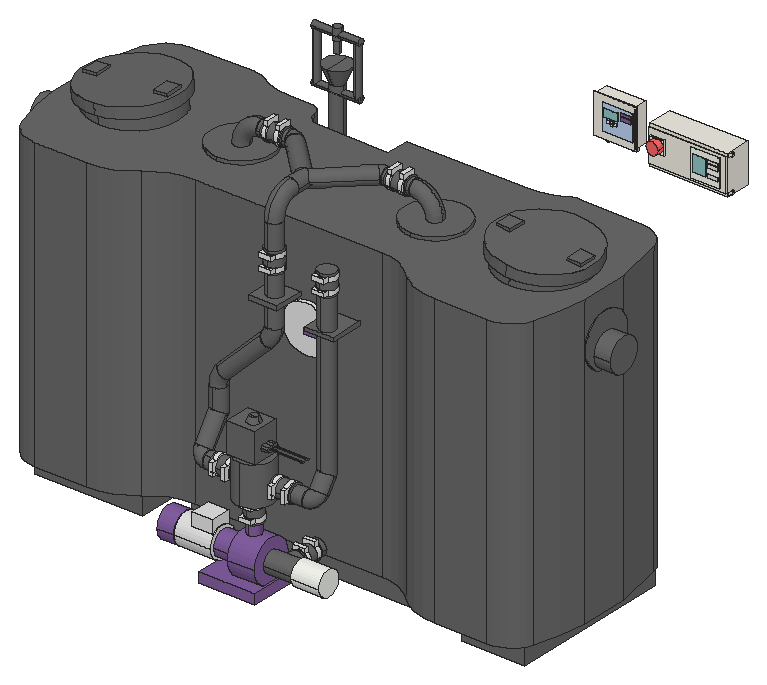
Revit family "93010.02_pvs 0", category Generic Models, Revit 2021
Family settings
  Can host rebar = No
  Round Connector Dimension = Use Diameter
  Part Type = Normal
  Work Plane-Based = No
  Always vertical = Yes
  Cut with Voids When Loaded = No
  Shared = Yes
  Room Calculation Point = No
Parameters (values of type "93010.02_PVS")
  SUPPLIER = "KESSEL"
  SA810ID06 = "4026092065105"
  SA810ID03 = "93010.02/PVS"
  SA71009ID06 = 3000 W
  SA71009ID05 = 3600 W
  SA71009ID04 = 1
  SA700ID17 = 1255 mm
  SA700ID14 = "ohne Angabe"
  SA700ID13 = 70 mm
  SA700ID09 = 1678 mm
  SA700ID08 = 940 mm
  SA700ID07 = 2590 mm
  SA700ID06 = 1000
  SA700ID05 = 10
  SA700ID04 = "Grease separator EasyClean free NS 10, Auto Mix & Pump, SonicControl"
  SA500ID03 = "Sludge trap, integrated"
  SA400ID03 = "PE (Polyethylen)"
  SA250ID03 = "temperierte Umhausung"
  SA200ID03 = "free-standing set-up"
  SA100ID04 = "Abscheideranlage für Fette (Schlammfang und Fettabscheider)"
  PROCUREWEBLINK = "https://p.caden.as/kessel/93010.02%2FPVS"
  PROCURELINK = "p.caden.as/kessel/93010.02%2FPVS"
  PROCUREDATALASTUPDATE = "2024-05-22T12:18:19.111183733+01:00"
  PRC_SPECIFICATIONLINK = "https://ausschreiben.de/catalog/kessel/catalogItem/6c2bda8d-30a5-4477-9d81-c278bfe74b06"
  NN = "EasyClean, Auto Mix & Pump grease separator"
  NBSYN = "$SA810ID03. $LODLEVEL."
  NB = "93010.02/PVS 0"
  Model = "93010.02/PVS"
  Manufacturer = "KESSEL"
  MIdent = "{$CADENAS_DATA/23d-libs/kessel/kessel_vdi_import/40/abscheideranlage20fuer20fette/easyclean_free_auto_mix_pump.prj},231 {STYP=ASS},{VTYP=3D},{NB=93010.02/PVS 0},{LINA=93010.02/PVS},{NN=EasyClean, Auto Mix & Pump grease separator},{DATE=20.12.2022 10:10:54},{GEOMDATE=17.11.2022 09:57:06},{VERSION=},{LINEID=100},{WBVAR=LODLEVEL},{WBNUMERIC=LODLEVEL}  {NB=93010.02/PVS 0},{LINA=93010.02/PVS},{KT=DUMMY},{PREVIEW=../../bilder/ksb_w_9301002pvs.png},{SA700ID04=Fettabscheider EasyClean free NS 10, Auto Mix & Pump, SonicControl},{SA810ID06=4026092065105},{SA010ID04=KESSEL AG},{SA810ID03=93010.02/PVS},{SA100ID04=Abscheideranlage für Fette (Schlammfang und Fettabscheider)},{SA200ID03=Freiaufstellung},{SA400ID03=PE (Polyethylen)},{SA500ID03=Schlammfang integriert},{SA700ID05=10.00},{SA700ID06=1000},{SA71009ID04=1},{SA71009ID05=3.60},{SA71009ID06=3.00},{SA250ID03=temperierte Umhausung},{SA700ID07=2590},{SA700ID09=1678},{SA700ID13=70},{SA700ID17=1255},{SA700ID08=940},{SA810ID10=\\\"Der Abscheider für fetthaltiges Abwasser ist für die freie Aufstellung in frostgeschützten Räumen geeignet und verzichtet auf metallische Bauteile im Behälter. Der Sammelbehälter aus dauerhaft beständigem Kunststoff (PE) ist mit einem integrierten Schlammfang ausgestattet und besitzt ein konisch zulaufendes Bodenteil für eine schnelle und saubere Entsorgung. Zwei geruchsdichte Deckel mit Schnellspannverschlüssen ermöglichen einen einfachen Zugang für Reinigungs- und Wartungsarbeiten.Das innovative Schredder-Mix-System mit integriertem Zerhacker übernimmt die Homogenisierung und Umwälzung des Behälterinhaltes. Die Reinigung und geruchsneutrale Entsorgung erfolgt dabei über eine außenliegende Pumpe mit 2-Wege-Ventil und Stellmotor, die mit einem Absperrschieber vom Behälter getrennt werden kann.Der vollautomatische Programmablauf wird durch ein anwenderfreundliches Schaltgerät mit mehrzeiliger Displayanzeige gesteuert, das über einen potentialfreien Kontakt in die Gebäudeleittechnik eingebunden werden kann. Über eine optional erhältliche Fernbedienung kann die Reinigung und Entsorgung von einer entfernten Stelle aus gestartet werden.Durch das individualisierbare Reinigungsprogramm mit Schnellwahlfunktion kann die Reinigung bedarfsgerecht an die örtlichen Gegebenheiten angepasst werden. Nach der Entsorgung sind nur noch max. 3 Liter Schlammrestvolumen im Behälter vorhanden. Mithilfe einer vollautomatisierten Spülung der Trinkwasserleitungen kann die Einhaltung der Trinkwasser-Hygiene-Verordnung gewährleistet werden.Gewährleistung auf den Werkstoff PE 20 Jahre.Ausführung:Absperreinrichtung: jaEntsorgungsart: automatisches Entsorgungs- und ReinigungssystemEntsorgungseinrichtung: EntsorgungspumpeEntsorgungsvariante: Auto Mix & PumpFülleinrichtung nach DIN 1988: jaNenngröße (NS): 10Schauglas: jaSchredder-Mix-System: jaSonicControl: jaWasserversorgung: 2 Magnetventile 1\\\"\\\"Tragfähigkeit (DIN 19901): F3Lieferumfang: Storz-B-Kupplung R 2 1/2 \\\"\\\" für SaugwagenanschlussEinbausituation: freie AufstellungAllgemeine Merkmale:Material: PENorm: EN 1825: 2004, DIN 4040-100Abmessungen:Aufstellfläche Länge: 2.822 mmAufstellfläche Breite: 1.108 mmAufstellfläche Höhe: 1.932 mmEinbringmaß Länge: 2.590 mmEinbringmaß Breite: 940 mmEinbringmaß Höhe: 1.678 mmBehälter/Grundkörper:Zulauf Nennweite (DN): 150 mmZulauf Nennweite (DA): 160 mmAuslauf Nennweite (DN): 150Auslauf Nennweite (DA): 160Abstand Rohrsohle Zulauf zu Behälterboden: 1.255 mmAbstand Rohrsohle Auslauf zu Behälterboden: 1.185 mmAnschluss Zu-/Auslaufstutzen: PE-HD-Rohre nach DIN 19537, HT-Rohre nach DIN 19560, PP oder ASDruckabgang (DA): 75 mmDruckabgang (DN): 65 mmNenndruck (PN): 10Abdeckungsmerkmale:Abdeckungsart: DeckelAbdeckung Material: KunststoffAbdeckung Farbe: violettDichtheit: geruchsdichtVerriegelung: SchnellspannverschlussAbwasserinhalt:Abscheiderinhalt: 900 lGesamtvolumen: 1.900 lSchlammfanginhalt: 1.000 lSpeichermenge an Fett: 400 lFördereinrichtung:Pumpe: SPF 300 KE 2.0Anzahl Pumpen: 1Förderhöhe max.: 17 mFörderleistung max.: 60 m3/hBetriebsspannung: 400 VNetzfrequenz: 50 HzBetriebsart: S2 - 30 Min.Leistung P1: 3,6 kWLeistung P2: 3 kWDrehzahl: 2.850 U/minErforderliche Absicherung (Leitungsschutz): Absicherung über Schaltgerät 400 VFörderguttemperatur (dauerhaft) max.: 40 °CAnschlusstyp: DirektanschlussGewicht: 44 kgLaufrad Typ: Radiallaufrad mit ZerhackerLänge Netzanschlussleitung Pumpe: 5 mNennstrom: 6,2 ASchutzart Pumpe: IP 55Schutzklasse: ITyp Anschlussleitung Pumpe: H07RN-F 7G 1,5 mm2Temperaturüberwachung: integriertSteuerung:Schaltgerät: jaBetriebsspannung: 400 VNetzfrequenz: 50 HzSelbstdiagnosesystem (SDS): jaBatteriepufferung: neinMehrzeilige Displayanzeige: jaLogbuchfunktion: jaUSB-Schnittstelle: jaGSM-Schnittstelle: neinPotentialfreier Kontakt: jaErforderliche Absicherung (Leitungsschutz): C 16 AErforderliche Absicherung (RCD): 30 mAMotorschutz Schalter: jaSchutzart Schaltgerät: IP 54\\\"},{SA700ID14=ohne Angabe},{LODLEVEL=0},{CATEGORY3AA=EasyClean free Auto Mix & Pump},{CATEGORY3AB=},{CATEGORY3AC=},{CATEGORY3AD=},{CATEGORY3AE=},{CATEGORY3AF=},{BEZEICHNUNG=},{BREITE=0.0},{TIEFE=MIN},{HOEHE=MIN},{MASSE=MIN},{LOD_=0,'Low'},{LOD_DEU=0,'Low'},{LOD_3DB=93010.02/PVS_0},{DNIN1=150},{DNIN2=10},{DNIN3=10},{DNIN4=10},{DNIN5=10},{DNIN6=10},{DNIN7=MIN},{DNOUT1=150},{DNOUT2=50},{ISD=80},{ISD2=10},{SA960ID03=89},{SA960ID04=3L},{SA960ID08=http://www.kessel.de/info?han=93010.02/PVS},{SA010ID01=010},{SA010ID02=40},{SA010ID06=www.kessel.de},{SA010ID08=4026092000007},{SA100ID01=100},{SA100ID02=1},{SA740ID01=740},{SA200ID01=200},{SA200ID02=1},{SA250ID01=250},{SA250ID02=1},{SA400ID01=400},{SA400ID02=1},{SA500ID01=500},{SA500ID02=1},{SA700ID01=700},{SA700ID02=89},{SA700ID14_=0},{SA71009ID01=710.09},{SA71009ID02=1},{SA71009ID03=SPF 300 KE 2.0},{SA71009ID07=IP55},{SA71009ID08=1},{SA71009ID09=1},{SA71009ID10=60},{SA71009ID11=17},{SA810ID01=810},{SA810ID02=89},{SA810ID04=93010.02/PVS},{SA810ID07=89},{SA810ID14=PCE},{LINK=http://www.kessel.de/info?han=93010.02/PVS},{LINK_=http://www.kessel.de/info?han=93010.02/PVS},{LINK_DEU=http://www.kessel.de/info?han=93010.02/PVS}"
  LINK = "http://www.kessel.de/info?han=93010.02/PVS"
  LINA = "93010.02/PVS"
  Default Elevation = 0 mm
  CREATOR = "CADENAS GmbH"
  CATALOG = "KESSEL"
  BOMINFO = "LINA"
  ARTICLENO = "NB"
Reference planes
  plane 1 "Center (Front/Back)": y = 0
  plane 2: z = 0
  plane 3 "Center (Left/Right)": x = 0
Dimensions and locks
  aligned and locked: level to plane 2
Nested families
  nested 1: "93010.02_pvs 0_content" at (0, 0, 0), type "93010.02_PVS 0_Content"
  nested 2: "93010.02_pvs 0_part1_X0Y0" at (1000, 1000, 1500), type "93010.02_PVS_PART1_X0Y0"
  nested 3: "93010.02_pvs 0_part2_X0Y0" at (600, 1000, 1500), type "93010.02_PVS_PART2_X0Y0"
  nested 4: "93010.02_pvs 0_part3_X0Y0" at (0, 0, 0), type "93010.02_PVS_PART3_X0Y0"
Connectors
  electrical at (859.25, 933.5, 1478)
    settings: on nested 2, index 1, voltage 230 V, apparent load 0 VA, apparent load phase1 0 VA, apparent load phase2 0 VA, apparent load phase3 0 VA, power factor 1, load classification "Other", number of poles 3, system type 31, power factor state 1, is connector primary yes, connector utility no, sub classification motor no, connector description ""
  electrical at (536, 972.5, 1469)
    settings: on nested 3, index 2, voltage 0 V, apparent load 0 VA, apparent load phase1 0 VA, apparent load phase2 0 VA, apparent load phase3 0 VA, power factor 1, load classification "Other", number of poles 1, system type 31, power factor state 1, is connector primary no, connector utility no, sub classification motor no, connector description ""
  piping at (-1440.29, 0, 1336), diameter 150
    settings: on nested 4, index 3, connector inside diameter 609.6 mm, connector length 0 mm, flow factor 0, pipe flow 0.0 L/s, pressure drop 0.0 Pa, fitting loss kfactor 0, connector angle 0.00°, fixture units 0, engagement length 0 mm, angle of deflection 0.00°, flow configuration 0, flow direction 1, fitting loss method 2, system type 8, joint type 0, gender type 0, connector reference index -1, connector utility 0, adjustable connector no, is connector primary yes, connector description ""
  piping at (1387.19, 0, 1265), diameter 150
    settings: on nested 4, index 4, connector inside diameter 609.6 mm, connector length 0 mm, flow factor 0, pipe flow 0.0 L/s, pressure drop 0.0 Pa, fitting loss kfactor 0, connector angle 0.00°, fixture units 0, engagement length 0 mm, angle of deflection 0.00°, flow configuration 0, flow direction 2, fitting loss method 2, system type 7, joint type 0, gender type 0, connector reference index -1, connector utility 0, adjustable connector no, is connector primary no, connector description ""
  piping at (-305, 374, 1937.9), diameter 50
    settings: on nested 4, index 5, connector inside diameter 609.6 mm, connector length 0 mm, flow factor 0, pipe flow 0.0 L/s, pressure drop 0.0 Pa, fitting loss kfactor 0, connector angle 0.00°, fixture units 0, engagement length 0 mm, angle of deflection 0.00°, flow configuration 0, flow direction 2, fitting loss method 2, system type 7, joint type 0, gender type 0, connector reference index -1, connector utility 0, adjustable connector no, is connector primary no, connector description ""
  piping at (290, -432.5, 1442), diameter 50
    settings: on nested 4, index 6, connector inside diameter 609.6 mm, connector length 0 mm, flow factor 0, pipe flow 0.0 L/s, pressure drop 0.0 Pa, fitting loss kfactor 0, connector angle 0.00°, fixture units 0, engagement length 0 mm, angle of deflection 0.00°, flow configuration 0, flow direction 2, fitting loss method 2, system type 7, joint type 0, gender type 0, connector reference index -1, connector utility 0, adjustable connector no, is connector primary no, connector description ""
  electrical at (-212, -514.5, 248.5)
    settings: on nested 4, index 7, voltage 0 V, apparent load 0 VA, apparent load phase1 0 VA, apparent load phase2 0 VA, apparent load phase3 0 VA, power factor 1, load classification "Other", number of poles 1, system type 31, power factor state 1, is connector primary no, connector utility no, sub classification motor no, connector description ""
Definition of nested family "93010.02_pvs 0_part1_X0Y0"
  Parameters (values of type "93010.02_PVS_PART1_X0Y0")
    SUPPLIER = "KESSEL"
    SA810ID06 = "4026092065105"
    SA810ID03 = "93010.02/PVS"
    SA71009ID06 = 3000 W
    SA71009ID05 = 3600 W
    SA71009ID04 = 1
    SA700ID17 = 1255 mm
    SA700ID14 = "ohne Angabe"
    SA700ID13 = 70 mm
    SA700ID09 = 1678 mm
    SA700ID08 = 940 mm
    SA700ID07 = 2590 mm
    SA700ID06 = 1000
    SA700ID05 = 10
    SA700ID04 = "Grease separator EasyClean free NS 10, Auto Mix & Pump, SonicControl"
    SA500ID03 = "Sludge trap, integrated"
    SA400ID03 = "PE (Polyethylen)"
    SA250ID03 = "temperierte Umhausung"
    SA200ID03 = "free-standing set-up"
    SA100ID04 = "Abscheideranlage für Fette (Schlammfang und Fettabscheider)"
    NBSYN = "$SA810ID03. $LODLEVEL._PART1"
    NB = "93010.02/PVS 0_PART1"
    Model = "93010.02/PVS_PART1"
    Manufacturer = "KESSEL"
    MIdent = "{$CADENAS_DATA/23d-libs/kessel/kessel_vdi_import/40/abscheideranlage20fuer20fette/easyclean_free_auto_mix_pump.prj},251 {VTYP=3D},{NB=93010.02/PVS 0_PART1},{LINA=93010.02/PVS_PART1},{NN=EasyClean, Auto Mix & Pump grease separator_PART1},{NOPRJ=TRUE},{DATE=20.12.2022 10:10:54},{GEOMDATE=17.11.2022 09:57:06},{VERSION=},{LINEID=100},{WBVAR=LODLEVEL},{WBNUMERIC=LODLEVEL}  {NB=93010.02/PVS 0_PART1},{LINA=93010.02/PVS_PART1},{KT=DUMMY},{PREVIEW=../../bilder/ksb_w_9301002pvs.png},{SA700ID04=Fettabscheider EasyClean free NS 10, Auto Mix & Pump, SonicControl},{SA810ID06=4026092065105},{SA010ID04=KESSEL AG},{SA810ID03=93010.02/PVS},{SA100ID04=Abscheideranlage für Fette (Schlammfang und Fettabscheider)},{SA200ID03=Freiaufstellung},{SA400ID03=PE (Polyethylen)},{SA500ID03=Schlammfang integriert},{SA700ID05=10.00},{SA700ID06=1000},{SA71009ID04=1},{SA71009ID05=3.60},{SA71009ID06=3.00},{SA250ID03=temperierte Umhausung},{SA700ID07=2590},{SA700ID09=1678},{SA700ID13=70},{SA700ID17=1255},{SA700ID08=940},{SA810ID10=\\\"Der Abscheider für fetthaltiges Abwasser ist für die freie Aufstellung in frostgeschützten Räumen geeignet und verzichtet auf metallische Bauteile im Behälter. Der Sammelbehälter aus dauerhaft beständigem Kunststoff (PE) ist mit einem integrierten Schlammfang ausgestattet und besitzt ein konisch zulaufendes Bodenteil für eine schnelle und saubere Entsorgung. Zwei geruchsdichte Deckel mit Schnellspannverschlüssen ermöglichen einen einfachen Zugang für Reinigungs- und Wartungsarbeiten.Das innovative Schredder-Mix-System mit integriertem Zerhacker übernimmt die Homogenisierung und Umwälzung des Behälterinhaltes. Die Reinigung und geruchsneutrale Entsorgung erfolgt dabei über eine außenliegende Pumpe mit 2-Wege-Ventil und Stellmotor, die mit einem Absperrschieber vom Behälter getrennt werden kann.Der vollautomatische Programmablauf wird durch ein anwenderfreundliches Schaltgerät mit mehrzeiliger Displayanzeige gesteuert, das über einen potentialfreien Kontakt in die Gebäudeleittechnik eingebunden werden kann. Über eine optional erhältliche Fernbedienung kann die Reinigung und Entsorgung von einer entfernten Stelle aus gestartet werden.Durch das individualisierbare Reinigungsprogramm mit Schnellwahlfunktion kann die Reinigung bedarfsgerecht an die örtlichen Gegebenheiten angepasst werden. Nach der Entsorgung sind nur noch max. 3 Liter Schlammrestvolumen im Behälter vorhanden. Mithilfe einer vollautomatisierten Spülung der Trinkwasserleitungen kann die Einhaltung der Trinkwasser-Hygiene-Verordnung gewährleistet werden.Gewährleistung auf den Werkstoff PE 20 Jahre.Ausführung:Absperreinrichtung: jaEntsorgungsart: automatisches Entsorgungs- und ReinigungssystemEntsorgungseinrichtung: EntsorgungspumpeEntsorgungsvariante: Auto Mix & PumpFülleinrichtung nach DIN 1988: jaNenngröße (NS): 10Schauglas: jaSchredder-Mix-System: jaSonicControl: jaWasserversorgung: 2 Magnetventile 1\\\"\\\"Tragfähigkeit (DIN 19901): F3Lieferumfang: Storz-B-Kupplung R 2 1/2 \\\"\\\" für SaugwagenanschlussEinbausituation: freie AufstellungAllgemeine Merkmale:Material: PENorm: EN 1825: 2004, DIN 4040-100Abmessungen:Aufstellfläche Länge: 2.822 mmAufstellfläche Breite: 1.108 mmAufstellfläche Höhe: 1.932 mmEinbringmaß Länge: 2.590 mmEinbringmaß Breite: 940 mmEinbringmaß Höhe: 1.678 mmBehälter/Grundkörper:Zulauf Nennweite (DN): 150 mmZulauf Nennweite (DA): 160 mmAuslauf Nennweite (DN): 150Auslauf Nennweite (DA): 160Abstand Rohrsohle Zulauf zu Behälterboden: 1.255 mmAbstand Rohrsohle Auslauf zu Behälterboden: 1.185 mmAnschluss Zu-/Auslaufstutzen: PE-HD-Rohre nach DIN 19537, HT-Rohre nach DIN 19560, PP oder ASDruckabgang (DA): 75 mmDruckabgang (DN): 65 mmNenndruck (PN): 10Abdeckungsmerkmale:Abdeckungsart: DeckelAbdeckung Material: KunststoffAbdeckung Farbe: violettDichtheit: geruchsdichtVerriegelung: SchnellspannverschlussAbwasserinhalt:Abscheiderinhalt: 900 lGesamtvolumen: 1.900 lSchlammfanginhalt: 1.000 lSpeichermenge an Fett: 400 lFördereinrichtung:Pumpe: SPF 300 KE 2.0Anzahl Pumpen: 1Förderhöhe max.: 17 mFörderleistung max.: 60 m3/hBetriebsspannung: 400 VNetzfrequenz: 50 HzBetriebsart: S2 - 30 Min.Leistung P1: 3,6 kWLeistung P2: 3 kWDrehzahl: 2.850 U/minErforderliche Absicherung (Leitungsschutz): Absicherung über Schaltgerät 400 VFörderguttemperatur (dauerhaft) max.: 40 °CAnschlusstyp: DirektanschlussGewicht: 44 kgLaufrad Typ: Radiallaufrad mit ZerhackerLänge Netzanschlussleitung Pumpe: 5 mNennstrom: 6,2 ASchutzart Pumpe: IP 55Schutzklasse: ITyp Anschlussleitung Pumpe: H07RN-F 7G 1,5 mm2Temperaturüberwachung: integriertSteuerung:Schaltgerät: jaBetriebsspannung: 400 VNetzfrequenz: 50 HzSelbstdiagnosesystem (SDS): jaBatteriepufferung: neinMehrzeilige Displayanzeige: jaLogbuchfunktion: jaUSB-Schnittstelle: jaGSM-Schnittstelle: neinPotentialfreier Kontakt: jaErforderliche Absicherung (Leitungsschutz): C 16 AErforderliche Absicherung (RCD): 30 mAMotorschutz Schalter: jaSchutzart Schaltgerät: IP 54\\\"},{SA700ID14=ohne Angabe},{LODLEVEL=0},{CATEGORY3AA=EasyClean free Auto Mix & Pump},{CATEGORY3AB=},{CATEGORY3AC=},{CATEGORY3AD=},{CATEGORY3AE=},{CATEGORY3AF=},{BEZEICHNUNG=},{BREITE=0.0},{TIEFE=MIN},{HOEHE=MIN},{MASSE=MIN},{LOD_=0,'Low'},{LOD_DEU=0,'Low'},{LOD_3DB=93010.02/PVS_0},{DNIN1=150},{DNIN2=10},{DNIN3=10},{DNIN4=10},{DNIN5=10},{DNIN6=10},{DNIN7=MIN},{DNOUT1=150},{DNOUT2=50},{ISD=80},{ISD2=10},{SA960ID03=89},{SA960ID04=3L},{SA960ID08=http://www.kessel.de/info?han=93010.02/PVS},{SA010ID01=010},{SA010ID02=40},{SA010ID06=www.kessel.de},{SA010ID08=4026092000007},{SA100ID01=100},{SA100ID02=1},{SA740ID01=740},{SA200ID01=200},{SA200ID02=1},{SA250ID01=250},{SA250ID02=1},{SA400ID01=400},{SA400ID02=1},{SA500ID01=500},{SA500ID02=1},{SA700ID01=700},{SA700ID02=89},{SA700ID14_=0},{SA71009ID01=710.09},{SA71009ID02=1},{SA71009ID03=SPF 300 KE 2.0},{SA71009ID07=IP55},{SA71009ID08=1},{SA71009ID09=1},{SA71009ID10=60},{SA71009ID11=17},{SA810ID01=810},{SA810ID02=89},{SA810ID04=93010.02/PVS},{SA810ID07=89},{SA810ID14=PCE},{LINK=http://www.kessel.de/info?han=93010.02/PVS},{LINK_=http://www.kessel.de/info?han=93010.02/PVS},{LINK_DEU=http://www.kessel.de/info?han=93010.02/PVS}"
    LINK = "http://www.kessel.de/info?han=93010.02/PVS"
    LINA = "93010.02/PVS_PART1"
    Default Elevation = 1219.2 mm
    CREATOR = "CADENAS GmbH"
    CATALOG = "KESSEL"
    BOMINFO = "LINA"
    ARTICLENO = "NB"
  Reference planes
    plane 1 "Center (Front/Back)": y = 0
    plane 2: z = 0
    plane 3 "Center (Left/Right)": x = 0
  Dimensions and locks
    aligned and locked: level to plane 2
  Nested families
    nested 1: "93010.02_pvs 0_part1_content" at (0, 0, 0), type "93010.02_PVS 0_PART1_Content"
  Definition of nested family "93010.02_pvs 0_part1_content"
    Parameters (values of type "93010.02_PVS 0_PART1_Content")
      SUPPLIER = "KESSEL"
      SA810ID06 = "4026092065105"
      SA810ID03 = "93010.02/PVS"
      SA71009ID06 = 3000 W
      SA71009ID05 = 3600 W
      SA71009ID04 = 1
      SA700ID17 = 1255 mm
      SA700ID14 = "ohne Angabe"
      SA700ID13 = 70 mm
      SA700ID09 = 1678 mm
      SA700ID08 = 940 mm
      SA700ID07 = 2590 mm
      SA700ID06 = 1000
      SA700ID05 = 10
      SA700ID04 = "Grease separator EasyClean free NS 10, Auto Mix & Pump, SonicControl"
      SA500ID03 = "Sludge trap, integrated"
      SA400ID03 = "PE (Polyethylen)"
      SA250ID03 = "temperierte Umhausung"
      SA200ID03 = "free-standing set-up"
      SA100ID04 = "Abscheideranlage für Fette (Schlammfang und Fettabscheider)"
      NBSYN = "$SA810ID03. $LODLEVEL._PART1"
      NB = "93010.02/PVS 0_PART1"
      Model = "93010.02/PVS_PART1"
      Manufacturer = "KESSEL"
      LINK = "http://www.kessel.de/info?han=93010.02/PVS"
      LINA = "93010.02/PVS_PART1"
      Default Elevation = 1219.2 mm
      CREATOR = "CADENAS GmbH"
      CATALOG = "KESSEL"
      BOMINFO = "LINA"
      ARTICLENO = "NB"
    Reference planes
      plane 1 "Center (Front/Back)": y = 0
      plane 2: z = 0
      plane 3 "Center (Left/Right)": x = 0
    Forms (mm)
      Extrusion 1, solid, detail levels medium+fine
        sketch origin (190.25, 0, 0) x (0, -1, 0) y (0, 0, 1)
          loop
            line (0, 188) -> (0, 0) -> (122.5, 0) -> (122.5, 188) -> (0, 188)
        from 0 to 380.5
      Extrusion 2, solid, detail levels medium+fine
        sketch origin (186.25, -122.5, 14) x (0, -1, 0) y (0, 0, 1)
          loop
            line (0, 160) -> (0, 0) -> (5, 0) -> (5, 160) -> (0, 160)
        from 0 to 376.5
      Extrusion 3, solid, detail levels medium+fine
        sketch origin (156.25, -127.5, 24.5) x (0, -1, 0) y (0, 0, 1)
          loop
            line (-1.4, 0) -> (0.2, 0) -> (0.2, 135) -> (-1.4, 135) -> (-1.4, 0)
        from 0 to 140
      Extrusion 4, solid, detail levels medium+fine
        sketch origin (88.75, -127.7, 53.5) x (0, -1, 0) y (0, 0, 1)
          loop
            line (-1.5, 79) -> (-1.5, 0) -> (0.1, 0) -> (0.1, 79) -> (-1.5, 79)
        from 0 to 65
      Extrusion 5, solid, detail levels medium+fine
        sketch origin (148.75, -127.7, 95.5) x (0, -1, 0) y (0, 0, 1)
          loop
            line (-1.5, 16) -> (-1.5, 0) -> (0.1, 0) -> (0.1, 16) -> (-1.5, 16)
        from 0 to 51
      Extrusion 6, solid, detail levels medium+fine
        sketch origin (148.75, -127.7, 53.5) x (0, -1, 0) y (0, 0, 1)
          loop
            line (-1.5, 16) -> (-1.5, 0) -> (0.1, 0) -> (0.1, 16) -> (-1.5, 16)
        from 0 to 51
      Extrusion 7, solid, detail levels medium+fine
        sketch origin (148.75, -127.7, 116.5) x (0, -1, 0) y (0, 0, 1)
          loop
            line (-1.5, 16) -> (-1.5, 0) -> (0.1, 0) -> (0.1, 16) -> (-1.5, 16)
        from 0 to 51
      Extrusion 8, solid, detail levels medium+fine
        sketch origin (9.25, -66.5, 1.5) x (0.866025, 0.5, 0) y (0.5, -0.866025, 0)
          loop
            circle (0, 0) r 10
        from 0 to 2.5
      Extrusion 9, solid, detail levels medium+fine
        sketch origin (-20.75, -66.5, 1.5) x (0.866025, 0.5, 0) y (0.5, -0.866025, 0)
          loop
            circle (0, 0) r 10
        from 0 to 2.5
      Extrusion 10, solid, detail levels medium+fine
        sketch origin (39.25, -66.5, 1.5) x (0.866025, 0.5, 0) y (0.5, -0.866025, 0)
          loop
            circle (0, 0) r 10
        from 0 to 2.5
      Extrusion 11, solid, detail levels medium+fine
        sketch origin (-50.75, -66.5, 1.5) x (0.866025, 0.5, 0) y (0.5, -0.866025, 0)
          loop
            circle (0, 0) r 10
        from 0 to 2.5
      Extrusion 12, solid, detail levels medium+fine
        sketch origin (69.25, -66.5, 1.5) x (0.866025, 0.5, 0) y (0.5, -0.866025, 0)
          loop
            circle (0, 0) r 10
        from 0 to 2.5
      Extrusion 13, solid, detail levels medium+fine
        sketch origin (99.25, -66.5, 1.5) x (0.866025, 0.5, 0) y (0.5, -0.866025, 0)
          loop
            circle (0, 0) r 10
        from 0 to 2.5
      Extrusion 14, solid, detail levels medium+fine
        sketch origin (-95.75, -66.5, 0) x (0.866025, 0.5, 0) y (0.5, -0.866025, 0)
          loop
            line (0, 17.321) -> (-15, 8.66) -> (-15, -8.66) -> (0, -17.321) -> (15, -8.66) -> (15, 8.66) -> (0, 17.321)
        from 0 to 22
      Extrusion 15, solid, detail levels medium+fine
        sketch origin (-140.75, -66.5, 0) x (0.866025, 0.5, 0) y (0.5, -0.866025, 0)
          loop
            line (0, 17.321) -> (-15, 8.66) -> (-15, -8.66) -> (0, -17.321) -> (15, -8.66) -> (15, 8.66) -> (0, 17.321)
        from 0 to 22
      Extrusion 16, solid, detail levels medium+fine
        sketch origin (-110.25, -127.5, 76.5) x (0, -1, 0) y (0, 0, 1)
          loop
            line (0, 67) -> (0, 0) -> (7, 0) -> (7, 67) -> (0, 67)
        from 0 to 67
      Extrusion 17, solid, detail levels medium+fine
        sketch origin (-143.75, -134.5, 110) x (1, 0, 0) y (0, 0, 1)
          loop
            circle (0, 0) r 29.5
        from 0 to 29
      Extrusion 18, solid, detail levels medium+fine
        sketch origin (129.25, -66.5, 1.5) x (0.866025, 0.5, 0) y (0.5, -0.866025, 0)
          loop
            circle (0, 0) r 10
        from 0 to 2.5
      Extrusion 19, solid, detail levels medium+fine
        sketch origin (-179.25, 0, 177) x (-1, 0, 0) y (0, 0, 1)
          loop
            circle (0, 0) r 7.5
        from 0 to 2
      Extrusion 20, solid, detail levels medium+fine
        sketch origin (-179.25, 0, 11) x (-1, 0, 0) y (0, 0, 1)
          loop
            circle (0, 0) r 7.5
        from 0 to 2
      Extrusion 21, solid, detail levels medium+fine
        sketch origin (179.25, 0, 11) x (-1, 0, 0) y (0, 0, 1)
          loop
            circle (0, 0) r 7.5
        from 0 to 2
      Extrusion 22, solid, detail levels medium+fine
        sketch origin (179.25, 0, 177) x (-1, 0, 0) y (0, 0, 1)
          loop
            circle (0, 0) r 7.5
        from 0 to 2
      Extrusion 23, solid, detail levels medium+fine
        sketch origin (194.75, -100.5, 170) x (-1, 0, 0) y (0, -1, 0)
          loop
            circle (0, 0) r 5
        from 0 to 14
      Extrusion 24, solid, detail levels medium+fine
        sketch origin (190.25, -100.5, 170) x (0, -1, 0) y (1, 0, 0)
          loop
            line (0, 9.5) -> (0, 0) -> (20, 0) -> (0, 9.5)
        from 0 to 14
      Extrusion 25, solid, detail levels medium+fine
        sketch origin (194.75, -100.5, 4) x (-1, 0, 0) y (0, -1, 0)
          loop
            circle (0, 0) r 5
        from 0 to 14
      Extrusion 26, solid, detail levels medium+fine
        sketch origin (190.25, -100.5, 4) x (0, -1, 0) y (1, 0, 0)
          loop
            line (0, 9.5) -> (0, 0) -> (20, 0) -> (0, 9.5)
        from 0 to 14
      Extrusion 27, solid, detail levels coarse
        sketch origin (4.75, -80.75, -22) x (1, 0, 0) y (0, 1, 0)
          loop
            line (-195, -82.75) -> (195, -82.75) -> (195, 82.75) -> (-195, 82.75) -> (-195, -82.75)
        from 0 to 210
    Dimensions and locks
      aligned and locked: level to plane 2
Definition of nested family "93010.02_pvs 0_part2_X0Y0"
  Parameters (values of type "93010.02_PVS_PART2_X0Y0")
    SUPPLIER = "KESSEL"
    SA810ID06 = "4026092065105"
    SA810ID03 = "93010.02/PVS"
    SA71009ID06 = 3000 W
    SA71009ID05 = 3600 W
    SA71009ID04 = 1
    SA700ID17 = 1255 mm
    SA700ID14 = "ohne Angabe"
    SA700ID13 = 70 mm
    SA700ID09 = 1678 mm
    SA700ID08 = 940 mm
    SA700ID07 = 2590 mm
    SA700ID06 = 1000
    SA700ID05 = 10
    SA700ID04 = "Grease separator EasyClean free NS 10, Auto Mix & Pump, SonicControl"
    SA500ID03 = "Sludge trap, integrated"
    SA400ID03 = "PE (Polyethylen)"
    SA250ID03 = "temperierte Umhausung"
    SA200ID03 = "free-standing set-up"
    SA100ID04 = "Abscheideranlage für Fette (Schlammfang und Fettabscheider)"
    NBSYN = "$SA810ID03. $LODLEVEL._PART2"
    NB = "93010.02/PVS 0_PART2"
    Model = "93010.02/PVS_PART2"
    Manufacturer = "KESSEL"
    MIdent = "{$CADENAS_DATA/23d-libs/kessel/kessel_vdi_import/40/abscheideranlage20fuer20fette/easyclean_free_auto_mix_pump.prj},251 {VTYP=3D},{NB=93010.02/PVS 0_PART2},{LINA=93010.02/PVS_PART2},{NN=EasyClean, Auto Mix & Pump grease separator_PART2},{NOPRJ=TRUE},{DATE=20.12.2022 10:10:54},{GEOMDATE=17.11.2022 09:57:06},{VERSION=},{LINEID=100},{WBVAR=LODLEVEL},{WBNUMERIC=LODLEVEL}  {NB=93010.02/PVS 0_PART2},{LINA=93010.02/PVS_PART2},{KT=DUMMY},{PREVIEW=../../bilder/ksb_w_9301002pvs.png},{SA700ID04=Fettabscheider EasyClean free NS 10, Auto Mix & Pump, SonicControl},{SA810ID06=4026092065105},{SA010ID04=KESSEL AG},{SA810ID03=93010.02/PVS},{SA100ID04=Abscheideranlage für Fette (Schlammfang und Fettabscheider)},{SA200ID03=Freiaufstellung},{SA400ID03=PE (Polyethylen)},{SA500ID03=Schlammfang integriert},{SA700ID05=10.00},{SA700ID06=1000},{SA71009ID04=1},{SA71009ID05=3.60},{SA71009ID06=3.00},{SA250ID03=temperierte Umhausung},{SA700ID07=2590},{SA700ID09=1678},{SA700ID13=70},{SA700ID17=1255},{SA700ID08=940},{SA810ID10=\\\"Der Abscheider für fetthaltiges Abwasser ist für die freie Aufstellung in frostgeschützten Räumen geeignet und verzichtet auf metallische Bauteile im Behälter. Der Sammelbehälter aus dauerhaft beständigem Kunststoff (PE) ist mit einem integrierten Schlammfang ausgestattet und besitzt ein konisch zulaufendes Bodenteil für eine schnelle und saubere Entsorgung. Zwei geruchsdichte Deckel mit Schnellspannverschlüssen ermöglichen einen einfachen Zugang für Reinigungs- und Wartungsarbeiten.Das innovative Schredder-Mix-System mit integriertem Zerhacker übernimmt die Homogenisierung und Umwälzung des Behälterinhaltes. Die Reinigung und geruchsneutrale Entsorgung erfolgt dabei über eine außenliegende Pumpe mit 2-Wege-Ventil und Stellmotor, die mit einem Absperrschieber vom Behälter getrennt werden kann.Der vollautomatische Programmablauf wird durch ein anwenderfreundliches Schaltgerät mit mehrzeiliger Displayanzeige gesteuert, das über einen potentialfreien Kontakt in die Gebäudeleittechnik eingebunden werden kann. Über eine optional erhältliche Fernbedienung kann die Reinigung und Entsorgung von einer entfernten Stelle aus gestartet werden.Durch das individualisierbare Reinigungsprogramm mit Schnellwahlfunktion kann die Reinigung bedarfsgerecht an die örtlichen Gegebenheiten angepasst werden. Nach der Entsorgung sind nur noch max. 3 Liter Schlammrestvolumen im Behälter vorhanden. Mithilfe einer vollautomatisierten Spülung der Trinkwasserleitungen kann die Einhaltung der Trinkwasser-Hygiene-Verordnung gewährleistet werden.Gewährleistung auf den Werkstoff PE 20 Jahre.Ausführung:Absperreinrichtung: jaEntsorgungsart: automatisches Entsorgungs- und ReinigungssystemEntsorgungseinrichtung: EntsorgungspumpeEntsorgungsvariante: Auto Mix & PumpFülleinrichtung nach DIN 1988: jaNenngröße (NS): 10Schauglas: jaSchredder-Mix-System: jaSonicControl: jaWasserversorgung: 2 Magnetventile 1\\\"\\\"Tragfähigkeit (DIN 19901): F3Lieferumfang: Storz-B-Kupplung R 2 1/2 \\\"\\\" für SaugwagenanschlussEinbausituation: freie AufstellungAllgemeine Merkmale:Material: PENorm: EN 1825: 2004, DIN 4040-100Abmessungen:Aufstellfläche Länge: 2.822 mmAufstellfläche Breite: 1.108 mmAufstellfläche Höhe: 1.932 mmEinbringmaß Länge: 2.590 mmEinbringmaß Breite: 940 mmEinbringmaß Höhe: 1.678 mmBehälter/Grundkörper:Zulauf Nennweite (DN): 150 mmZulauf Nennweite (DA): 160 mmAuslauf Nennweite (DN): 150Auslauf Nennweite (DA): 160Abstand Rohrsohle Zulauf zu Behälterboden: 1.255 mmAbstand Rohrsohle Auslauf zu Behälterboden: 1.185 mmAnschluss Zu-/Auslaufstutzen: PE-HD-Rohre nach DIN 19537, HT-Rohre nach DIN 19560, PP oder ASDruckabgang (DA): 75 mmDruckabgang (DN): 65 mmNenndruck (PN): 10Abdeckungsmerkmale:Abdeckungsart: DeckelAbdeckung Material: KunststoffAbdeckung Farbe: violettDichtheit: geruchsdichtVerriegelung: SchnellspannverschlussAbwasserinhalt:Abscheiderinhalt: 900 lGesamtvolumen: 1.900 lSchlammfanginhalt: 1.000 lSpeichermenge an Fett: 400 lFördereinrichtung:Pumpe: SPF 300 KE 2.0Anzahl Pumpen: 1Förderhöhe max.: 17 mFörderleistung max.: 60 m3/hBetriebsspannung: 400 VNetzfrequenz: 50 HzBetriebsart: S2 - 30 Min.Leistung P1: 3,6 kWLeistung P2: 3 kWDrehzahl: 2.850 U/minErforderliche Absicherung (Leitungsschutz): Absicherung über Schaltgerät 400 VFörderguttemperatur (dauerhaft) max.: 40 °CAnschlusstyp: DirektanschlussGewicht: 44 kgLaufrad Typ: Radiallaufrad mit ZerhackerLänge Netzanschlussleitung Pumpe: 5 mNennstrom: 6,2 ASchutzart Pumpe: IP 55Schutzklasse: ITyp Anschlussleitung Pumpe: H07RN-F 7G 1,5 mm2Temperaturüberwachung: integriertSteuerung:Schaltgerät: jaBetriebsspannung: 400 VNetzfrequenz: 50 HzSelbstdiagnosesystem (SDS): jaBatteriepufferung: neinMehrzeilige Displayanzeige: jaLogbuchfunktion: jaUSB-Schnittstelle: jaGSM-Schnittstelle: neinPotentialfreier Kontakt: jaErforderliche Absicherung (Leitungsschutz): C 16 AErforderliche Absicherung (RCD): 30 mAMotorschutz Schalter: jaSchutzart Schaltgerät: IP 54\\\"},{SA700ID14=ohne Angabe},{LODLEVEL=0},{CATEGORY3AA=EasyClean free Auto Mix & Pump},{CATEGORY3AB=},{CATEGORY3AC=},{CATEGORY3AD=},{CATEGORY3AE=},{CATEGORY3AF=},{BEZEICHNUNG=},{BREITE=0.0},{TIEFE=MIN},{HOEHE=MIN},{MASSE=MIN},{LOD_=0,'Low'},{LOD_DEU=0,'Low'},{LOD_3DB=93010.02/PVS_0},{DNIN1=150},{DNIN2=10},{DNIN3=10},{DNIN4=10},{DNIN5=10},{DNIN6=10},{DNIN7=MIN},{DNOUT1=150},{DNOUT2=50},{ISD=80},{ISD2=10},{SA960ID03=89},{SA960ID04=3L},{SA960ID08=http://www.kessel.de/info?han=93010.02/PVS},{SA010ID01=010},{SA010ID02=40},{SA010ID06=www.kessel.de},{SA010ID08=4026092000007},{SA100ID01=100},{SA100ID02=1},{SA740ID01=740},{SA200ID01=200},{SA200ID02=1},{SA250ID01=250},{SA250ID02=1},{SA400ID01=400},{SA400ID02=1},{SA500ID01=500},{SA500ID02=1},{SA700ID01=700},{SA700ID02=89},{SA700ID14_=0},{SA71009ID01=710.09},{SA71009ID02=1},{SA71009ID03=SPF 300 KE 2.0},{SA71009ID07=IP55},{SA71009ID08=1},{SA71009ID09=1},{SA71009ID10=60},{SA71009ID11=17},{SA810ID01=810},{SA810ID02=89},{SA810ID04=93010.02/PVS},{SA810ID07=89},{SA810ID14=PCE},{LINK=http://www.kessel.de/info?han=93010.02/PVS},{LINK_=http://www.kessel.de/info?han=93010.02/PVS},{LINK_DEU=http://www.kessel.de/info?han=93010.02/PVS}"
    LINK = "http://www.kessel.de/info?han=93010.02/PVS"
    LINA = "93010.02/PVS_PART2"
    Default Elevation = 1219.2 mm
    CREATOR = "CADENAS GmbH"
    CATALOG = "KESSEL"
    BOMINFO = "LINA"
    ARTICLENO = "NB"
  Reference planes
    plane 1 "Center (Front/Back)": y = 0
    plane 2: z = 0
    plane 3 "Center (Left/Right)": x = 0
  Dimensions and locks
    aligned and locked: level to plane 2
  Nested families
    nested 1: "93010.02_pvs 0_part2_content" at (0, 0, 0), type "93010.02_PVS 0_PART2_Content"
  Definition of nested family "93010.02_pvs 0_part2_content"
    Parameters (values of type "93010.02_PVS 0_PART2_Content")
      SUPPLIER = "KESSEL"
      SA810ID06 = "4026092065105"
      SA810ID03 = "93010.02/PVS"
      SA71009ID06 = 3000 W
      SA71009ID05 = 3600 W
      SA71009ID04 = 1
      SA700ID17 = 1255 mm
      SA700ID14 = "ohne Angabe"
      SA700ID13 = 70 mm
      SA700ID09 = 1678 mm
      SA700ID08 = 940 mm
      SA700ID07 = 2590 mm
      SA700ID06 = 1000
      SA700ID05 = 10
      SA700ID04 = "Grease separator EasyClean free NS 10, Auto Mix & Pump, SonicControl"
      SA500ID03 = "Sludge trap, integrated"
      SA400ID03 = "PE (Polyethylen)"
      SA250ID03 = "temperierte Umhausung"
      SA200ID03 = "free-standing set-up"
      SA100ID04 = "Abscheideranlage für Fette (Schlammfang und Fettabscheider)"
      NBSYN = "$SA810ID03. $LODLEVEL._PART2"
      NB = "93010.02/PVS 0_PART2"
      Model = "93010.02/PVS_PART2"
      Manufacturer = "KESSEL"
      LINK = "http://www.kessel.de/info?han=93010.02/PVS"
      LINA = "93010.02/PVS_PART2"
      Default Elevation = 1219.2 mm
      CREATOR = "CADENAS GmbH"
      CATALOG = "KESSEL"
      BOMINFO = "LINA"
      ARTICLENO = "NB"
    Reference planes
      plane 1 "Center (Front/Back)": y = 0
      plane 2: z = 0
      plane 3 "Center (Left/Right)": x = 0
    Forms (mm)
      Extrusion 1, solid, detail levels medium+fine
        sketch origin (94, 0, 5) x (0, -1, 0) y (0, 0, 1)
          loop
            line (0, 184) -> (0, 0) -> (64.5, 0) -> (64.5, 184) -> (0, 184)
        from 0 to 188
      Extrusion 2, solid, detail levels medium+fine
        sketch origin (104, -64.5, 0) x (0, -1, 0) y (0, 0, 1)
          loop
            line (0, 194) -> (0, 0) -> (3.5, 0) -> (3.5, 194) -> (0, 194)
        from 0 to 208
      Extrusion 3, solid, detail levels medium+fine
        sketch origin (86.3, -68, 33.2) x (0, -1, 0) y (0, 0, 1)
          loop
            line (-0.5, 127) -> (-0.5, 0) -> (1, 0) -> (1, 127) -> (-0.5, 127)
        from 0 to 146
      Extrusion 4, solid, detail levels medium+fine
        sketch origin (6.8, -69, 77.2) x (0, -1, 0) y (0, 0, 1)
          loop
            line (-0.5, 12) -> (-0.5, 0) -> (1, 0) -> (1, 12) -> (-0.5, 12)
        from 0 to 12
      Extrusion 5, solid, detail levels medium+fine
        sketch origin (-9.7, -69, 85.45) x (0, -1, 0) y (0, 0, 1)
          loop
            line (-0.5, 12) -> (-0.5, 0) -> (1, 0) -> (1, 12) -> (-0.5, 12)
        from 0 to 12
      Extrusion 6, solid, detail levels medium+fine
        sketch origin (-9.7, -69, 68.95) x (0, -1, 0) y (0, 0, 1)
          loop
            line (-0.5, 12) -> (-0.5, 0) -> (1, 0) -> (1, 12) -> (-0.5, 12)
        from 0 to 12
      Extrusion 7, solid, detail levels medium+fine
        sketch origin (13.3, -69, 100.45) x (0, -1, 0) y (0, 0, 1)
          loop
            line (-0.5, 37) -> (-0.5, 0) -> (1, 0) -> (1, 37) -> (-0.5, 37)
        from 0 to 65
      Extrusion 8, solid, detail levels medium+fine
        sketch origin (78.8, -69, 110.7) x (0, -1, 0) y (0, 0, 1)
          loop
            line (-0.5, 16) -> (-0.5, 0) -> (1, 0) -> (1, 16) -> (-0.5, 16)
        from 0 to 51
      Extrusion 9, solid, detail levels medium+fine
        sketch origin (-26.2, -69, 77.2) x (0, -1, 0) y (0, 0, 1)
          loop
            line (-0.5, 12) -> (-0.5, 0) -> (1, 0) -> (1, 12) -> (-0.5, 12)
        from 0 to 12
      Extrusion 10, solid, detail levels medium+fine
        sketch origin (78.75, -69, 130.75) x (0, -1, 0) y (0, 0, 1)
          loop
            line (-0.5, 16) -> (-0.5, 0) -> (1, 0) -> (1, 16) -> (-0.5, 16)
        from 0 to 51
      Extrusion 11, solid, detail levels medium+fine
        sketch origin (-64, -27.5, 5) x (1, 0, 0) y (0, -1, 0)
          loop
            circle (0, 0) r 12
        from 0 to 26
      Extrusion 12, solid, detail levels medium+fine
        sketch origin (-64, -27.5, -21) x (1, 0, 0) y (0, -1, 0)
          loop
            circle (0, 0) r 5
        from 0 to 10
      Extrusion 13, solid, detail levels medium+fine
        sketch origin (67, -27.5, 5) x (1, 0, 0) y (0, -1, 0)
          loop
            circle (0, 0) r 12
        from 0 to 26
      Extrusion 14, solid, detail levels coarse
        sketch origin (0, -35, -31) x (1, 0, 0) y (0, 1, 0)
          loop
            line (-104, -35) -> (104, -35) -> (104, 35) -> (-104, 35) -> (-104, -35)
        from 0 to 225
    Dimensions and locks
      aligned and locked: level to plane 2
Definition of nested family "93010.02_pvs 0_part3_X0Y0"
  Parameters (values of type "93010.02_PVS_PART3_X0Y0")
    SUPPLIER = "KESSEL"
    SA810ID06 = "4026092065105"
    SA810ID03 = "93010.02/PVS"
    SA71009ID06 = 3000 W
    SA71009ID05 = 3600 W
    SA71009ID04 = 1
    SA700ID17 = 1255 mm
    SA700ID14 = "ohne Angabe"
    SA700ID13 = 70 mm
    SA700ID09 = 1678 mm
    SA700ID08 = 940 mm
    SA700ID07 = 2590 mm
    SA700ID06 = 1000
    SA700ID05 = 10
    SA700ID04 = "Grease separator EasyClean free NS 10, Auto Mix & Pump, SonicControl"
    SA500ID03 = "Sludge trap, integrated"
    SA400ID03 = "PE (Polyethylen)"
    SA250ID03 = "temperierte Umhausung"
    SA200ID03 = "free-standing set-up"
    SA100ID04 = "Abscheideranlage für Fette (Schlammfang und Fettabscheider)"
    NBSYN = "$SA810ID03. $LODLEVEL._PART3"
    NB = "93010.02/PVS 0_PART3"
    Model = "93010.02/PVS_PART3"
    Manufacturer = "KESSEL"
    MIdent = "{$CADENAS_DATA/23d-libs/kessel/kessel_vdi_import/40/abscheideranlage20fuer20fette/easyclean_free_auto_mix_pump.prj},251 {VTYP=3D},{NB=93010.02/PVS 0_PART3},{LINA=93010.02/PVS_PART3},{NN=EasyClean, Auto Mix & Pump grease separator_PART3},{NOPRJ=TRUE},{DATE=20.12.2022 10:10:54},{GEOMDATE=17.11.2022 09:57:06},{VERSION=},{LINEID=100},{WBVAR=LODLEVEL},{WBNUMERIC=LODLEVEL}  {NB=93010.02/PVS 0_PART3},{LINA=93010.02/PVS_PART3},{KT=DUMMY},{PREVIEW=../../bilder/ksb_w_9301002pvs.png},{SA700ID04=Fettabscheider EasyClean free NS 10, Auto Mix & Pump, SonicControl},{SA810ID06=4026092065105},{SA010ID04=KESSEL AG},{SA810ID03=93010.02/PVS},{SA100ID04=Abscheideranlage für Fette (Schlammfang und Fettabscheider)},{SA200ID03=Freiaufstellung},{SA400ID03=PE (Polyethylen)},{SA500ID03=Schlammfang integriert},{SA700ID05=10.00},{SA700ID06=1000},{SA71009ID04=1},{SA71009ID05=3.60},{SA71009ID06=3.00},{SA250ID03=temperierte Umhausung},{SA700ID07=2590},{SA700ID09=1678},{SA700ID13=70},{SA700ID17=1255},{SA700ID08=940},{SA810ID10=\\\"Der Abscheider für fetthaltiges Abwasser ist für die freie Aufstellung in frostgeschützten Räumen geeignet und verzichtet auf metallische Bauteile im Behälter. Der Sammelbehälter aus dauerhaft beständigem Kunststoff (PE) ist mit einem integrierten Schlammfang ausgestattet und besitzt ein konisch zulaufendes Bodenteil für eine schnelle und saubere Entsorgung. Zwei geruchsdichte Deckel mit Schnellspannverschlüssen ermöglichen einen einfachen Zugang für Reinigungs- und Wartungsarbeiten.Das innovative Schredder-Mix-System mit integriertem Zerhacker übernimmt die Homogenisierung und Umwälzung des Behälterinhaltes. Die Reinigung und geruchsneutrale Entsorgung erfolgt dabei über eine außenliegende Pumpe mit 2-Wege-Ventil und Stellmotor, die mit einem Absperrschieber vom Behälter getrennt werden kann.Der vollautomatische Programmablauf wird durch ein anwenderfreundliches Schaltgerät mit mehrzeiliger Displayanzeige gesteuert, das über einen potentialfreien Kontakt in die Gebäudeleittechnik eingebunden werden kann. Über eine optional erhältliche Fernbedienung kann die Reinigung und Entsorgung von einer entfernten Stelle aus gestartet werden.Durch das individualisierbare Reinigungsprogramm mit Schnellwahlfunktion kann die Reinigung bedarfsgerecht an die örtlichen Gegebenheiten angepasst werden. Nach der Entsorgung sind nur noch max. 3 Liter Schlammrestvolumen im Behälter vorhanden. Mithilfe einer vollautomatisierten Spülung der Trinkwasserleitungen kann die Einhaltung der Trinkwasser-Hygiene-Verordnung gewährleistet werden.Gewährleistung auf den Werkstoff PE 20 Jahre.Ausführung:Absperreinrichtung: jaEntsorgungsart: automatisches Entsorgungs- und ReinigungssystemEntsorgungseinrichtung: EntsorgungspumpeEntsorgungsvariante: Auto Mix & PumpFülleinrichtung nach DIN 1988: jaNenngröße (NS): 10Schauglas: jaSchredder-Mix-System: jaSonicControl: jaWasserversorgung: 2 Magnetventile 1\\\"\\\"Tragfähigkeit (DIN 19901): F3Lieferumfang: Storz-B-Kupplung R 2 1/2 \\\"\\\" für SaugwagenanschlussEinbausituation: freie AufstellungAllgemeine Merkmale:Material: PENorm: EN 1825: 2004, DIN 4040-100Abmessungen:Aufstellfläche Länge: 2.822 mmAufstellfläche Breite: 1.108 mmAufstellfläche Höhe: 1.932 mmEinbringmaß Länge: 2.590 mmEinbringmaß Breite: 940 mmEinbringmaß Höhe: 1.678 mmBehälter/Grundkörper:Zulauf Nennweite (DN): 150 mmZulauf Nennweite (DA): 160 mmAuslauf Nennweite (DN): 150Auslauf Nennweite (DA): 160Abstand Rohrsohle Zulauf zu Behälterboden: 1.255 mmAbstand Rohrsohle Auslauf zu Behälterboden: 1.185 mmAnschluss Zu-/Auslaufstutzen: PE-HD-Rohre nach DIN 19537, HT-Rohre nach DIN 19560, PP oder ASDruckabgang (DA): 75 mmDruckabgang (DN): 65 mmNenndruck (PN): 10Abdeckungsmerkmale:Abdeckungsart: DeckelAbdeckung Material: KunststoffAbdeckung Farbe: violettDichtheit: geruchsdichtVerriegelung: SchnellspannverschlussAbwasserinhalt:Abscheiderinhalt: 900 lGesamtvolumen: 1.900 lSchlammfanginhalt: 1.000 lSpeichermenge an Fett: 400 lFördereinrichtung:Pumpe: SPF 300 KE 2.0Anzahl Pumpen: 1Förderhöhe max.: 17 mFörderleistung max.: 60 m3/hBetriebsspannung: 400 VNetzfrequenz: 50 HzBetriebsart: S2 - 30 Min.Leistung P1: 3,6 kWLeistung P2: 3 kWDrehzahl: 2.850 U/minErforderliche Absicherung (Leitungsschutz): Absicherung über Schaltgerät 400 VFörderguttemperatur (dauerhaft) max.: 40 °CAnschlusstyp: DirektanschlussGewicht: 44 kgLaufrad Typ: Radiallaufrad mit ZerhackerLänge Netzanschlussleitung Pumpe: 5 mNennstrom: 6,2 ASchutzart Pumpe: IP 55Schutzklasse: ITyp Anschlussleitung Pumpe: H07RN-F 7G 1,5 mm2Temperaturüberwachung: integriertSteuerung:Schaltgerät: jaBetriebsspannung: 400 VNetzfrequenz: 50 HzSelbstdiagnosesystem (SDS): jaBatteriepufferung: neinMehrzeilige Displayanzeige: jaLogbuchfunktion: jaUSB-Schnittstelle: jaGSM-Schnittstelle: neinPotentialfreier Kontakt: jaErforderliche Absicherung (Leitungsschutz): C 16 AErforderliche Absicherung (RCD): 30 mAMotorschutz Schalter: jaSchutzart Schaltgerät: IP 54\\\"},{SA700ID14=ohne Angabe},{LODLEVEL=0},{CATEGORY3AA=EasyClean free Auto Mix & Pump},{CATEGORY3AB=},{CATEGORY3AC=},{CATEGORY3AD=},{CATEGORY3AE=},{CATEGORY3AF=},{BEZEICHNUNG=},{BREITE=0.0},{TIEFE=MIN},{HOEHE=MIN},{MASSE=MIN},{LOD_=0,'Low'},{LOD_DEU=0,'Low'},{LOD_3DB=93010.02/PVS_0},{DNIN1=150},{DNIN2=10},{DNIN3=10},{DNIN4=10},{DNIN5=10},{DNIN6=10},{DNIN7=MIN},{DNOUT1=150},{DNOUT2=50},{ISD=80},{ISD2=10},{SA960ID03=89},{SA960ID04=3L},{SA960ID08=http://www.kessel.de/info?han=93010.02/PVS},{SA010ID01=010},{SA010ID02=40},{SA010ID06=www.kessel.de},{SA010ID08=4026092000007},{SA100ID01=100},{SA100ID02=1},{SA740ID01=740},{SA200ID01=200},{SA200ID02=1},{SA250ID01=250},{SA250ID02=1},{SA400ID01=400},{SA400ID02=1},{SA500ID01=500},{SA500ID02=1},{SA700ID01=700},{SA700ID02=89},{SA700ID14_=0},{SA71009ID01=710.09},{SA71009ID02=1},{SA71009ID03=SPF 300 KE 2.0},{SA71009ID07=IP55},{SA71009ID08=1},{SA71009ID09=1},{SA71009ID10=60},{SA71009ID11=17},{SA810ID01=810},{SA810ID02=89},{SA810ID04=93010.02/PVS},{SA810ID07=89},{SA810ID14=PCE},{LINK=http://www.kessel.de/info?han=93010.02/PVS},{LINK_=http://www.kessel.de/info?han=93010.02/PVS},{LINK_DEU=http://www.kessel.de/info?han=93010.02/PVS}"
    LINK = "http://www.kessel.de/info?han=93010.02/PVS"
    LINA = "93010.02/PVS_PART3"
    Default Elevation = 1219.2 mm
    CREATOR = "CADENAS GmbH"
    CATALOG = "KESSEL"
    BOMINFO = "LINA"
    ARTICLENO = "NB"
  Reference planes
    plane 1 "Center (Front/Back)": y = 0
    plane 2: z = 0
    plane 3 "Center (Left/Right)": x = 0
  Dimensions and locks
    aligned and locked: level to plane 2
  Nested families
    nested 1: "93010.02_pvs 0_part3_content" at (0, 0, 0), type "93010.02_PVS 0_PART3_Content"
  Definition of nested family "93010.02_pvs 0_part3_content"
    Parameters (values of type "93010.02_PVS 0_PART3_Content")
      SUPPLIER = "KESSEL"
      SA810ID06 = "4026092065105"
      SA810ID03 = "93010.02/PVS"
      SA71009ID06 = 3000 W
      SA71009ID05 = 3600 W
      SA71009ID04 = 1
      SA700ID17 = 1255 mm
      SA700ID14 = "ohne Angabe"
      SA700ID13 = 70 mm
      SA700ID09 = 1678 mm
      SA700ID08 = 940 mm
      SA700ID07 = 2590 mm
      SA700ID06 = 1000
      SA700ID05 = 10
      SA700ID04 = "Grease separator EasyClean free NS 10, Auto Mix & Pump, SonicControl"
      SA500ID03 = "Sludge trap, integrated"
      SA400ID03 = "PE (Polyethylen)"
      SA250ID03 = "temperierte Umhausung"
      SA200ID03 = "free-standing set-up"
      SA100ID04 = "Abscheideranlage für Fette (Schlammfang und Fettabscheider)"
      NBSYN = "$SA810ID03. $LODLEVEL._PART3"
      NB = "93010.02/PVS 0_PART3"
      Model = "93010.02/PVS_PART3"
      Manufacturer = "KESSEL"
      LINK = "http://www.kessel.de/info?han=93010.02/PVS"
      LINA = "93010.02/PVS_PART3"
      Default Elevation = 1219.2 mm
      CREATOR = "CADENAS GmbH"
      CATALOG = "KESSEL"
      BOMINFO = "LINA"
      ARTICLENO = "NB"
    Reference planes
      plane 1 "Center (Front/Back)": y = 0
      plane 2: z = 0
      plane 3 "Center (Left/Right)": x = 0
    Forms (mm)
      Extrusion 1, solid, detail levels medium+fine
        sketch origin (-1191.5, -357.5, 0) x (0, 1, 0) y (0, 0, 1)
          loop
            line (0, 113) -> (0, 0) -> (792, 0) -> (792, 113) -> (0, 113)
        from 0 to 526.5
      Extrusion 2, solid, detail levels medium+fine
        sketch origin (-5.65, -0.5, 113) x (0, 1, 0) y (-1, 0, 0)
          loop
            arc (-472.5, -1105.7) -> (-443.303, -1194.677) -> (-366.96, -1248.91) r 149.737
            arc (-366.96, -1248.91) -> (-243.072, -1280.606) -> (-116.54, -1299.11) r 1215.437
            line (-116.54, -1299.11) -> (116.19, -1299.14)
            arc (116.19, -1299.14) -> (241.349, -1280.95) -> (363.95, -1249.89) r 1219.054
            arc (363.95, -1249.89) -> (438.89, -1197.718) -> (469.67, -1111.75) r 149.94
            line (469.67, -1111.75) -> (478.3, -801.71)
            arc (478.3, -801.71) -> (473.998, -772.212) -> (462.17, -744.85) r 113.58
            arc (462.17, -744.85) -> (428.883, -669.196) -> (417.5, -587.331) r 300.062
            line (417.5, -587.331) -> (417.5, -5.65) -> (302.5, -5.65) -> (308.56, 348.06)
            arc (308.56, 348.06) -> (323.647, 384.713) -> (360, 400.51) r 52.745
            arc (360, 400.51) -> (395.136, 416.85) -> (412.78, 451.35) r 59.553
            line (412.78, 451.35) -> (417.5, 576.04)
            arc (417.5, 576.04) -> (428.885, 657.901) -> (462.17, 733.55) r 300.062
            arc (462.17, 733.55) -> (473.998, 760.912) -> (478.3, 790.41) r 113.58
            line (478.3, 790.41) -> (469.67, 1100.45)
            arc (469.67, 1100.45) -> (439.667, 1185.426) -> (366.36, 1237.84) r 149.887
            arc (366.36, 1237.84) -> (242.587, 1269.403) -> (116.19, 1287.84) r 1218.91
            line (116.19, 1287.84) -> (-116.54, 1287.81)
            arc (-116.54, 1287.81) -> (-243.632, 1269.194) -> (-368.05, 1237.27) r 1215.563
            arc (-368.05, 1237.27) -> (-443.561, 1183.026) -> (-472.5, 1094.67) r 149.74
            line (-472.5, 1094.67) -> (-472.5, 840.01)
            arc (-472.5, 840.01) -> (-452.458, 732.188) -> (-395.01, 638.77) r 300.053
            arc (-395.01, 638.77) -> (-337.544, 545.351) -> (-317.5, 437.52) r 299.974
            line (-317.5, 437.52) -> (-317.5, -468.58)
            arc (-317.5, -468.58) -> (-335.782, -562.425) -> (-387.955, -642.544) r 250
            arc (-387.955, -642.544) -> (-450.562, -738.687) -> (-472.5, -851.299) r 299.997
            line (-472.5, -851.299) -> (-472.5, -1105.7)
        from 0 to 1412
      Extrusion 3, solid, detail levels medium+fine
        sketch origin (115, -318, 1081) x (1, 0, 0) y (0, 0, 1)
          loop
            circle (0, 0) r 114
        from 0 to 25
      Extrusion 4, solid, detail levels medium+fine
        sketch origin (235, -343, 1069.25) x (0, -1, 0) y (0, 0, 1)
          loop
            line (0, 23.5) -> (0, 0) -> (15, 0) -> (15, 23.5) -> (0, 23.5)
        from 0 to 120
      Extrusion 5, solid, detail levels medium+fine
        sketch origin (359, -479.5, 1190) x (0, 1, 0) y (0, 0, -1)
          loop
            line (0, 20.5) -> (0, 0) -> (161.5, 0) -> (161.5, 20.5) -> (0, 20.5)
        from 0 to 138
      Extrusion 6, solid, detail levels medium+fine
        sketch origin (290, -432.5, 553) x (0, 1, 0) y (-1, 0, 0)
          loop
            circle (0, 0) r 37.5
        from 0 to 789
      Revolve 7, solid, detail levels medium+fine
        sketch origin (290, -432.5, 553) x (-1, 0, 0) y (0, -0.819152, 0.573577)
          loop
            line (0, 37.5) -> (0, -37.5)
            arc (0, -37.5) -> (37.5, 0) -> (0, 37.5) r 37.5
          axis (0, -37.5) -> (0, 37.5)
        angle from -360 to 0
      Extrusion 8, solid, detail levels medium+fine
        sketch origin (291, -481.204, 494.128) x (-1, 0, 0) y (0, -0.819152, 0.573577)
          loop
            circle (0, 0) r 37.5
        from 0 to 75
      Revolve 9, solid, detail levels medium+fine
        sketch origin (253, -503, 463) x (0, 0.573576, 0.819152) y (0, -0.819152, 0.573576)
          loop
            circle (0, 0) r 37
          axis (38, 0) -> (38, -1)
        angle from -90 to 0
      Extrusion 10, solid, detail levels medium+fine
        sketch origin (27, -503, 463) x (0, 0.573576, 0.819152) y (0, -0.819152, 0.573576)
          loop
            circle (0, 0) r 37.5
        from 0 to 226
      Extrusion 11, solid, detail levels medium+fine
        sketch origin (94.5, -503, 464) x (0, 1, 0) y (0, 0, 1)
          loop
            circle (0, 0) r 42
        from 0 to 100
      Extrusion 12, solid, detail levels medium+fine
        sketch origin (164.5, -503, 464) x (0, 1, 0) y (0, 0, 1)
          loop
            line (-56, -30) -> (-33.541, -30)
            arc (-33.541, -30) -> (45, 0) -> (-33.541, 30) r 45
            line (-33.541, 30) -> (-56, 30) -> (-56, -30)
        from 0 to 20
      Extrusion 13, solid, detail levels medium+fine
        sketch origin (104.5, -503, 464) x (0, 1, 0) y (0, 0, 1)
          loop
            line (-56, -30) -> (-33.541, -30)
            arc (-33.541, -30) -> (45, 0) -> (-33.541, 30) r 45
            line (-33.541, 30) -> (-56, 30) -> (-56, -30)
        from 0 to 20
      Extrusion 14, solid, detail levels medium+fine
        sketch origin (0, -514, 384.5) x (0, 1, 0) y (-1, 0, 0)
          loop
            circle (0, 0) r 89.5
        from 0 to 188
      Extrusion 15, solid, detail levels medium+fine
        sketch origin (-81.5, -450, 572.5) x (1, 0, 0) y (0, 0, 1)
          loop
            line (0, 143.5) -> (0, 0) -> (135.5, 0) -> (135.5, 143.5) -> (0, 143.5)
        from 0 to 128
      Revolve 16, solid, detail levels medium+fine
        sketch origin (0, -514, 716) x (0, 0, 1) y (-1, 0, 0)
          loop
            line (0, 0) -> (24, 0) -> (24, 20) -> (0, 30) -> (0, 0)
          axis (24, 0) -> (0, 0)
        angle from -360 to 0
      Extrusion 17, solid, detail levels medium+fine
        sketch origin (54, -530, 630) x (0, 1, 0) y (0, 0, 1)
          loop
            line (-15.011, 0) -> (-7.506, -13) -> (7.506, -13) -> (15.011, 0) -> (7.506, 13) -> (-7.506, 13) -> (-15.011, 0)
        from 0 to 37
      Extrusion 18, solid, detail levels medium+fine
        sketch origin (91, -530, 630) x (0, 1, 0) y (0, 0, 1)
          loop
            circle (0, 0) r 3
        from 0 to 160
      Extrusion 19, solid, detail levels medium+fine
        sketch origin (54, -498, 630) x (0, 1, 0) y (0, 0, 1)
          loop
            line (-15.011, 0) -> (-7.506, -13) -> (7.506, -13) -> (15.011, 0) -> (7.506, 13) -> (-7.506, 13) -> (-15.011, 0)
        from 0 to 37
      Extrusion 20, solid, detail levels medium+fine
        sketch origin (91, -498, 630) x (0, 1, 0) y (0, 0, 1)
          loop
            circle (0, 0) r 3
        from 0 to 160
      Extrusion 21, solid, detail levels medium+fine
        sketch origin (27, -503, 463) x (0, -0.573576, 0.819152) y (0, 0.819152, 0.573576)
          loop
            circle (0, 0) r 37.5
        from 0 to 257.5
      Extrusion 22, solid, detail levels medium+fine
        sketch origin (-94.5, -503, 464) x (0, 1, 0) y (0, 0, -1)
          loop
            circle (0, 0) r 42
        from 0 to 100
      Extrusion 23, solid, detail levels medium+fine
        sketch origin (-104.5, -503, 464) x (0, 1, 0) y (0, 0, -1)
          loop
            line (-56, -30) -> (-33.541, -30)
            arc (-33.541, -30) -> (45, 0) -> (-33.541, 30) r 45
            line (-33.541, 30) -> (-56, 30) -> (-56, -30)
        from 0 to 20
      Extrusion 24, solid, detail levels medium+fine
        sketch origin (-164.5, -503, 464) x (0, 1, 0) y (0, 0, -1)
          loop
            line (-56, -30) -> (-33.541, -30)
            arc (-33.541, -30) -> (45, 0) -> (-33.541, 30) r 45
            line (-33.541, 30) -> (-56, 30) -> (-56, -30)
        from 0 to 20
      Revolve 25, solid, detail levels medium+fine
        sketch origin (-230.5, -503, 463) x (0, 0.573577, 0.819152) y (0, 0.819152, -0.573577)
          loop
            circle (0, 0) r 37.5
          axis (38, 0) -> (38, -1)
        angle from -90 to 0
      Extrusion 26, solid, detail levels medium+fine
        sketch origin (-268.5, -482.795, 490.335) x (-1, 0, 0) y (0, -0.819152, 0.573577)
          loop
            circle (0, 0) r 37.5
        from 0 to 150
